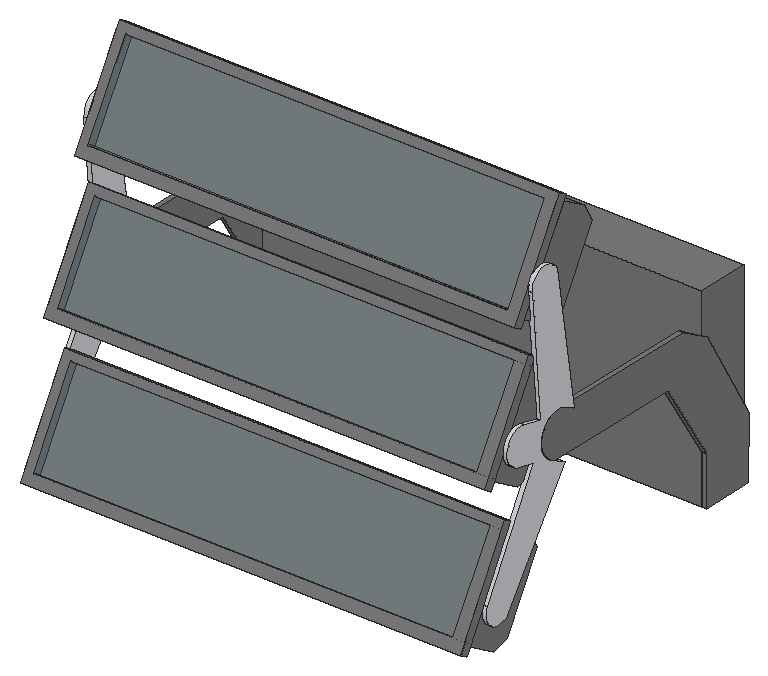
Revit family "Lighting-Floodlights-GEWISS-SPATIUMPRO3-LED-FLOODLIGHT_OPTIC-ELLIPTICAL_3MODULES", category Apparecchi per illuminazione, host Superficie, Revit 2019
Family settings
  Host = Superficie
  Quota connettore circolare = Usa diametro
  Tipo di parte = Normale
  Taglio con vuoti quando caricato = No
  Sorgente d'illuminazione = Sì
  Condiviso = Sì
  Punto di calcolo locali = Sì
Parameters (values of type "GWP3333AA857 - SPATIUM PRO 3M CL.I S1 CRI 80 5700K")
  larghezza lampada = Lugnezza massima - 24 mm  # 50 mm
  Wiring = "Watertight connector between floodlight and supply unit"
  Weight (kg): = "30 "
  Wattage = 9.2903 W
  Warranty = "5 years"
  Visibilità etichetta [instance] = yes
  Visibilità simbolo [instance] = yes
  Visibilità lampada in pianta [instance] = yes
  Versions = "Cold light 5700K"
  Version file RFA = "21.9"
  Variazione temperatura colore lampada con luminosità attenuata = <Nessuno>
  Unique digital code (Datamatrix) = "Currently not present"
  Unified Glare Rating = "ULOR = 0%"
  URL = "https://www.gewiss.com/ww/en"
  Type of light source = "LED - Not replaceable"
  Tilt- = "Rotation on bracket with integrated goniometer"
  built-in parameter 1150107 = 3200 (stored number, unit not read)
  Technical sheet = "https://www.gewiss.com/ww/en/search?q=GWP3333AA857"
  System power = "1200 W"
  Supply voltage = "See external supply unit"
  Standard- = "EN 60598-1; EN 60598-2-5; IEC/TR 62778; EN 62493"
  Standard Deviation Colour Matching = "SDCM = 5"
  Spostamento_x_effettivo [instance] = 4000 mm - Spostamento_x  # 4000 mm
  Spostamento_x [instance] = 0 mm
  Spostamento_y_effettivo [instance] = 4000 mm - Spostamento_y  # 4000 mm
  Spostamento_y [instance] = 0 mm
  Shock resistance = "IK08"
  Shield type = "Flat tempered glass 4mm"
  Realized by GEWISS S.p.A. = ""
  Rated frequency (Hz) = "See external supply unit"
  ROTAZIONE [instance] = 45
  built-in parameter 1150110 = 1 (stored number, unit not read)
  built-in parameter 1150109 = 1 (stored number, unit not read)
  built-in parameter 1114218 = 1 (stored number, unit not read)
  built-in parameter 1150112 = 1 (stored number, unit not read)
  POSIZIONE = 80000  # constant formula
  Overvoltage protection = "See external supply unit"
  Optic Maintenance = "Not available"
  Optic : = "Lens T.I.R.Ex. in PMMA HT"
  Optic = "Elliptical 30°x80°"
  Operating temperature : = "-25 +50 °C"
  built-in parameter 1150142 = (empty or 0)
  Mouting and installation = "High-mast lighting - Wall mounting"
  built-in parameter 1150137 = (empty or 0)
  built-in parameter 1150132 = (empty or 0)
  Maximum surface exposed to the wind : = "0,36 m²"
  Luminaire = "High power LED floodlight"
  Lumen output (lm) = "121000 "
  Lugnezza massima = 74 mm
  Default Elevation = 1219.2 mm
  Produttore = "GEWISS S.p.A."
  Modello = "GWP3333AA857"
  Lifetime = "L90B10(Tq25°C)>100.000h; L80B10(Tq25°C)>150.000h"
  LED Maintenance = "Yes"
  built-in parameter 1150105 = 109.82 (stored number, unit not read)
  built-in parameter 1150102 = (empty or 0)
  Insulation class = "I"
  Immagine tipo = SPATIUMpro3.jpg
  built-in parameter 1150106 = 1.0982 (stored number, unit not read)
  IPEA = "LARGE AREAS = A // GREEN AREAS = B"
  IP degree = "IP66"
  IDT = "eb905ece-f1b6-4e43-a778-c0f94268a61d"
  IDF = "6bc5c23f-cb25-4ede-a1f8-ab35ab3ff60d"
  Gasket = "Anti-aging silicone"
  Lumens = 1380 lm
  Fixing = "Bracket"
  Color Filter = 16777215
  File diagramma fotometrico = "generic"
  built-in parameter 1114217 = 1 (stored number, unit not read)
  built-in parameter 1150139 = (empty or 0)
  External screw = "Stainless steel"
  Emetti da lunghezza linea = 609.6 mm
  Efficiency (lm/W) = "101 "
  built-in parameter 1150104 = 13.8 (stored number, unit not read)
  EAN code = ""
  Driver failure rate = "See external supply unit"
  Driver Box = "External"
  Driver = "To be ordered separately"
  Distanza dal host [instance] = 0 mm
  built-in parameter 1150115 = 1 (stored number, unit not read)
  built-in parameter 1150114 = 1 (stored number, unit not read)
  built-in parameter 1150113 = 1 (stored number, unit not read)
  Descrizione = "SPATIUM PRO 3M CL.I S1 CRI 80 5700K"
  Control System = "See external supply unit"
  Context = "Big areas"
  Colour temperature = "5700 K"
  Colour : = "Polyester powder coated"
  Colour = "Graphite grey"
  built-in parameter 1150134 = 3
  built-in parameter 1150138 = (empty or 0)
  Color Rendering Index = "CRI 80"
  Catalogue = "LIGHTING"
  COBie.Tagnumber = ""
  COBie.CreatedOn = ""
  COBie.CreatebBy = ""
  COBie.ComponentRegisterItemID = ""
  COBie.Component.TagNumber = ""
  COBie.Component.Space = ""
  COBie.Component.SerialNumber = ""
  COBie.Component.InstallationDate = ""
  COBie.Component.Description = ""
  COBie.Component.BarCode = ""
  Body = "Die-cast aluminium"
  Application = "Indoor / Outdoor"
  Tilt Angle = 60.00°
  built-in parameter 1150133 = 10 (stored number, unit not read)
Types (6, lengths in mm): name | Versions | Technical sheet | Lumen output (lm) | Modello | IPEA | IDT | Efficiency (lm/W) | Descrizione | Colour temperature | Color Rendering Index
  GWP3333AA730 - SPATIUM PRO 3M CL.I S1 CRI 70 3000K | "Hot light 3000K" | "https://www.gewiss.com/ww/en/search?q=GWP3333AA730" | "131000 " | "GWP3333AA730" | "LARGE AREAS = A+ // GREEN AREAS = A" | "694f0a52-192d-4fac-8831-b47ab9ccaade" | "109 " | "SPATIUM PRO 3M CL.I S1 CRI 70 3000K" | "3000 K" | "CRI70"
  GWP3333AA740 - SPATIUM PRO 3M CL.I S1 CRI 70 4000K | "Natural light 4000K" | "https://www.gewiss.com/ww/en/search?q=GWP3333AA740" | "139500 " | "GWP3333AA740" | "LARGE AREAS = A++ // GREEN AREAS = A+" | "f092490e-e46d-4033-8178-13fb61714b72" | "116 " | "SPATIUM PRO 3M CL.I S1 CRI 70 4000K" | "4000 K" | "CRI70"
  GWP3333AA757 - SPATIUM PRO 3M CL.I S1 CRI 70 5700K | "Cold light 5700K" | "https://www.gewiss.com/ww/en/search?q=GWP3333AA757" | "139500 " | "GWP3333AA757" | "LARGE AREAS = A++ // GREEN AREAS = A+" | "33b96b9a-78e7-4007-a7d0-e9aab8b44474" | "116 " | "SPATIUM PRO 3M CL.I S1 CRI 70 5700K" | "5700 K" | "CRI70"
  GWP3333AA830 - SPATIUM PRO 3M CL.I S1 CRI 80 3000K | "Hot light 3000K" | "https://www.gewiss.com/ww/en/search?q=GWP3333AA830" | "116000 " | "GWP3333AA830" | "LARGE AREAS = A // GREEN AREAS = B" | "6551d209-d6ac-4900-bcd4-a733eecfbfb0" | "97 " | "SPATIUM PRO 3M CL.I S1 CRI 80 3000K" | "3000 K" | "CRI 80"
  GWP3333AA840 - SPATIUM PRO 3M CL.I S1 CRI 80 4000K | "Natural light 4000K" | "https://www.gewiss.com/ww/en/search?q=GWP3333AA840" | "121000 " | "GWP3333AA840" | "LARGE AREAS = A // GREEN AREAS = B" | "da8c4ac0-0624-4aee-8915-169a3df5140e" | "101 " | "SPATIUM PRO 3M CL.I S1 CRI 80 4000K" | "4000 K" | "CRI 80"
  GWP3333AA857 - SPATIUM PRO 3M CL.I S1 CRI 80 5700K | "Cold light 5700K" | "https://www.gewiss.com/ww/en/search?q=GWP3333AA857" | "121000 " | "GWP3333AA857" | "LARGE AREAS = A // GREEN AREAS = B" | "eb905ece-f1b6-4e43-a778-c0f94268a61d" | "101 " | "SPATIUM PRO 3M CL.I S1 CRI 80 5700K" | "5700 K" | "CRI 80"
Reference planes
  plane 1 "Centro (Fronte/Retro)": y = 0
  plane 2: z = 0
  plane 3 "Centro (Sinistra/Destra)": x = 0
  plane 4: x = -4000
  plane 5: x = 0
  plane 6: x = 0
  plane 7: y = -4000
  plane 8: y = 0
  plane 9 "a": through (0, -290.182, 34.975) normal (0, -0.7071, 0.7071)
  plane 10: through (-235.047, -128.222, 1219.2) normal (-0.9563, 0.2924, 0)
  plane 11: through (-40, -89.462, 1219.2) normal (0.1564, 0.9877, 0)
  plane 12: through (239.503, 190.64, 1219.2) normal (0.9563, -0.2924, 0)
Dimensions and locks
  plane 4 to plane 3 "Centro (Sinistra/Destra)" = 4000 mm  (x2)
  "Spostamento_x_effettivo": plane 4 to plane 5
  "Spostamento_x_effettivo": plane 6 to plane 4
  "Spostamento_y_effettivo": plane 8 to plane 7
  plane 1 "Centro (Fronte/Retro)" to plane 7 = 4000 mm
  angle plane 11 to plane 12 = 82.00°  (x2)
  angle plane 10 to plane 11 = 98.00°
  aligned and locked: plane 2 to host face
  aligned and locked: level to host face
  aligned and locked: plane 6 to nested 1
  aligned and locked: nested 1 to plane 8
  aligned and locked: plane 8 to nested 2
  aligned and locked: imposter light to nested 2
Automatic sketch dimensions
  host sketch curve to host sketch curve = 2438.4 mm  (x2)
Nested families
  nested 1: "Etichetta light" at (0, 0, 0), visible <- "Visibilità etichetta", type "Etichetta light"
  nested 2: "STADIUM PRO 3_led" at (0, -90, 0), type "STADIUM PRO 3_led"
Definition of nested family "STADIUM PRO 3_led"
  Parameters (values of type "STADIUM PRO 3_led")
    led = none
    l_proiettore = 772 mm
    h_lampada = 58 mm
    Finitura struttura = none
  Reference planes
    plane 1 "Centro (Fronte/Retro)": y = 0
    plane 2: z = 0
    plane 3 "Centro (Sinistra/Destra)": x = 0
    plane 4: x = 386
    plane 5: x = 378
    plane 6: x = -386
    plane 7: x = -378
    plane 8: y = 90
  Forms (mm)
    Extrusion 1, solid, material <- "Finitura struttura"
      sketch origin (0, 0, 0) x (0, 1, 0) y (0, 0, -1)
        loop
          arc (-316.352, -217.267) -> (-353.722, -254.637) -> (-316.352, -292.007) r 37.37
          line (-316.352, -292.007) -> (-48.852, -292.007) -> (0, -263.802) -> (90, -107.918) -> (90, 0) -> (0, 0) -> (0, -85) -> (-82.649, -217.267) -> (-316.352, -217.267)
      from 378 to 386
    Extrusion 2, solid, material <- "Finitura struttura"
      sketch origin (0, 0, 0) x (1, 0, 0) y (0, 1, 0)
        loop
          line (378, 0) -> (378, 90) -> (-378, 90) -> (-378, 0) -> (378, 0)
      from 0 to 333
    Extrusion 3, solid, material <- "Finitura struttura"
      sketch origin (0, 0, 0) x (0, 1, 0) y (0, 0, 1)
        loop
          line (-316.352, 217.267) -> (-82.649, 217.267) -> (0, 85) -> (0, 0) -> (90, 0) -> (90, 107.918) -> (0, 263.802) -> (-48.852, 292.007) -> (-316.352, 292.007)
          arc (-316.352, 292.007) -> (-353.722, 254.637) -> (-316.352, 217.267) r 37.37
      from 378 to 386
    Extrusion 4, solid, material <- "led"
      sketch origin (0, 1268.525, -1383.744) x (0, 0.866025, -0.5) y (0, 0.5, 0.866025)
        loop
          line (-2238.14, 322.274) -> (-2223.14, 322.274) -> (-2223.14, 482.274) -> (-2238.14, 482.274) -> (-2238.14, 322.274)
      from -378 to 378
    Extrusion 5, solid, material <- "Finitura struttura"
      sketch origin (0, 1262.235, -1379.076) x (0, 0.866025, -0.5) y (0, 0.5, 0.866025)
        loop
          line (-2215.359, 316.368) -> (-2156.261, 316.368) -> (-2135.048, 337.581) -> (-2135.048, 467.581) -> (-2165.359, 485.081) -> (-2215.359, 485.081) -> (-2215.359, 316.368)
      from -378 to 378
    Extrusion 6, solid, material <- "Finitura struttura"
      sketch origin (0, -28.39, -231.475) x (1, 0, 0) y (0, 0.5, 0.866025)
        loop
          line (-378, 146.542) -> (-378, -45.315) -> (378, -45.315) -> (378, 146.542) -> (-378, 146.542)
        loop
          line (-362.033, 132.837) -> (-362.033, -27.163) -> (357.967, -27.163) -> (357.967, 132.837) -> (-362.033, 132.837)
      from 523.844 to 538.844
    Extrusion 7, solid, material <- "Finitura struttura", not visible
      sketch origin (0, 1866.103, -348.539) x (0, 1, 0) y (0, 0, 1)
        loop
          line (-2215.359, 316.368) -> (-2156.261, 316.368) -> (-2135.048, 337.581) -> (-2135.048, 467.581) -> (-2165.359, 485.081) -> (-2215.359, 485.081) -> (-2215.359, 316.368)
      from -378 to 378
    Extrusion 8, solid, material <- "Finitura struttura", not visible
      sketch origin (0, 0, 0) x (1, 0, 0) y (0, 0, 1)
        loop
          line (-378, 146.542) -> (-378, -45.315) -> (378, -45.315) -> (378, 146.542) -> (-378, 146.542)
        loop
          line (-362.033, 132.837) -> (-362.033, -27.163) -> (357.967, -27.163) -> (357.967, 132.837) -> (-362.033, 132.837)
      from 349.256 to 364.256
    Extrusion 9, solid, material <- "Finitura struttura"
      sketch origin (0, 1313.7, -1147.467) x (0, 0.866025, -0.5) y (0, 0.5, 0.866025)
        loop
          line (-2215.359, 316.368) -> (-2156.261, 316.368) -> (-2135.048, 337.581) -> (-2135.048, 467.581) -> (-2165.359, 485.081) -> (-2215.359, 485.081) -> (-2215.359, 316.368)
      from -378 to 378
    Extrusion 10, solid, material <- "Finitura struttura"
      sketch origin (0, -128.124, 87.428) x (1, 0, 0) y (0, 0.5, 0.866025)
        loop
          line (-378, 146.542) -> (-378, -45.315) -> (378, -45.315) -> (378, 146.542) -> (-378, 146.542)
        loop
          line (-362.033, 132.837) -> (-362.033, -27.163) -> (357.967, -27.163) -> (357.967, 132.837) -> (-362.033, 132.837)
      from 349.256 to 364.256
    Extrusion 11, solid, material <- "Finitura struttura"
      sketch origin (0, 1379.031, -926.749) x (0, 0.866025, -0.5) y (0, 0.5, 0.866025)
        loop
          line (-2215.359, 316.368) -> (-2156.261, 316.368) -> (-2135.048, 337.581) -> (-2135.048, 467.581) -> (-2165.359, 485.081) -> (-2215.359, 485.081) -> (-2215.359, 316.368)
      from -378 to 378
    Extrusion 12, solid, material <- "Finitura struttura"
      sketch origin (0, -62.793, 308.146) x (1, 0, 0) y (0, 0.5, 0.866025)
        loop
          line (-378, 146.542) -> (-378, -45.315) -> (378, -45.315) -> (378, 146.542) -> (-378, 146.542)
        loop
          line (-362.033, 132.837) -> (-362.033, -27.163) -> (357.967, -27.163) -> (357.967, 132.837) -> (-362.033, 132.837)
      from 349.256 to 364.256
    Extrusion 13, solid, material <- "led", not visible
      sketch origin (0, 1873.885, -376.937) x (0, 1, 0) y (0, 0, 1)
        loop
          line (-2238.14, 322.274) -> (-2223.14, 322.274) -> (-2223.14, 482.274) -> (-2238.14, 482.274) -> (-2238.14, 322.274)
      from -378 to 378
    Extrusion 14, solid, material <- "Finitura struttura", not visible
      sketch origin (0, 1866.103, -376.039) x (0, 1, 0) y (0, 0, 1)
        loop
          line (-2215.359, 316.368) -> (-2156.261, 316.368) -> (-2135.048, 337.581) -> (-2135.048, 467.581) -> (-2165.359, 485.081) -> (-2215.359, 485.081) -> (-2215.359, 316.368)
      from -378 to 378
    Extrusion 15, solid, material <- "Finitura struttura", not visible
      sketch origin (0, 0, -27.5) x (1, 0, 0) y (0, 0, 1)
        loop
          line (-378, 146.542) -> (-378, -45.315) -> (378, -45.315) -> (378, 146.542) -> (-378, 146.542)
        loop
          line (-362.033, 132.837) -> (-362.033, -27.163) -> (357.967, -27.163) -> (357.967, 132.837) -> (-362.033, 132.837)
      from 349.256 to 364.256
    Extrusion 16, solid, material <- "Finitura struttura", not visible
      sketch origin (0, 1794.869, -149.727) x (0, 1, 0) y (0, 0, 1)
        loop
          line (-2215.359, 316.368) -> (-2156.261, 316.368) -> (-2135.048, 337.581) -> (-2135.048, 467.581) -> (-2165.359, 485.081) -> (-2215.359, 485.081) -> (-2215.359, 316.368)
      from -378 to 378
    Extrusion 17, solid, material <- "Finitura struttura", not visible
      sketch origin (0, -71.234, 198.812) x (1, 0, 0) y (0, 0, 1)
        loop
          line (-378, 146.542) -> (-378, -45.315) -> (378, -45.315) -> (378, 146.542) -> (-378, 146.542)
        loop
          line (-362.033, 132.837) -> (-362.033, -27.163) -> (357.967, -27.163) -> (357.967, 132.837) -> (-362.033, 132.837)
      from 349.256 to 364.256
    Extrusion 18, solid, material <- "Finitura struttura", not visible
      sketch origin (0, 1741.088, 74.086) x (0, 1, 0) y (0, 0, 1)
        loop
          line (-2215.359, 316.368) -> (-2156.261, 316.368) -> (-2135.048, 337.581) -> (-2135.048, 467.581) -> (-2165.359, 485.081) -> (-2215.359, 485.081) -> (-2215.359, 316.368)
      from -378 to 378
    Extrusion 19, solid, material <- "Finitura struttura", not visible
      sketch origin (0, -125.015, 422.625) x (1, 0, 0) y (0, 0, 1)
        loop
          line (-378, 146.542) -> (-378, -45.315) -> (378, -45.315) -> (378, 146.542) -> (-378, 146.542)
        loop
          line (-362.033, 132.837) -> (-362.033, -27.163) -> (357.967, -27.163) -> (357.967, 132.837) -> (-362.033, 132.837)
      from 349.256 to 364.256
    Extrusion 20, solid, material <- "led", not visible
      sketch origin (0, 1268.525, -1383.744) x (0, 0.866025, -0.5) y (0, 0.5, 0.866025)
        loop
          line (-2238.14, 322.274) -> (-2223.14, 322.274) -> (-2223.14, 482.274) -> (-2238.14, 482.274) -> (-2238.14, 322.274)
      from -378 to 378
    Extrusion 21, solid, material <- "Finitura struttura", not visible
      sketch origin (0, 1262.235, -1379.076) x (0, 0.866025, -0.5) y (0, 0.5, 0.866025)
        loop
          line (-2215.359, 316.368) -> (-2156.261, 316.368) -> (-2135.048, 337.581) -> (-2135.048, 467.581) -> (-2165.359, 485.081) -> (-2215.359, 485.081) -> (-2215.359, 316.368)
      from -378 to 378
    Extrusion 22, solid, material <- "Finitura struttura", not visible
      sketch origin (0, -28.39, -231.475) x (1, 0, 0) y (0, 0.5, 0.866025)
        loop
          line (-378, 146.542) -> (-378, -45.315) -> (378, -45.315) -> (378, 146.542) -> (-378, 146.542)
        loop
          line (-362.033, 132.837) -> (-362.033, -27.163) -> (357.967, -27.163) -> (357.967, 132.837) -> (-362.033, 132.837)
      from 523.844 to 538.844
    Extrusion 23, solid, material <- "Finitura struttura", not visible
      sketch origin (0, 1379.031, -926.749) x (0, 0.866025, -0.5) y (0, 0.5, 0.866025)
        loop
          line (-2215.359, 316.368) -> (-2156.261, 316.368) -> (-2135.048, 337.581) -> (-2135.048, 467.581) -> (-2165.359, 485.081) -> (-2215.359, 485.081) -> (-2215.359, 316.368)
      from -378 to 378
    Extrusion 24, solid, material <- "Finitura struttura", not visible
      sketch origin (0, -62.793, 308.146) x (1, 0, 0) y (0, 0.5, 0.866025)
        loop
          line (-378, 146.542) -> (-378, -45.315) -> (378, -45.315) -> (378, 146.542) -> (-378, 146.542)
        loop
          line (-362.033, 132.837) -> (-362.033, -27.163) -> (357.967, -27.163) -> (357.967, 132.837) -> (-362.033, 132.837)
      from 349.256 to 364.256
    Extrusion 25, solid, material <- "led"
      sketch origin (0, 1319.99, -1152.136) x (0, 0.866025, -0.5) y (0, 0.5, 0.866025)
        loop
          line (-2238.14, 322.274) -> (-2223.14, 322.274) -> (-2223.14, 482.274) -> (-2238.14, 482.274) -> (-2238.14, 322.274)
      from -378 to 378
    Extrusion 26, solid, material <- "led"
      sketch origin (0, 1386.433, -929.491) x (0, 0.866025, -0.5) y (0, 0.5, 0.866025)
        loop
          line (-2238.14, 322.274) -> (-2223.14, 322.274) -> (-2223.14, 482.274) -> (-2238.14, 482.274) -> (-2238.14, 322.274)
      from -378 to 378
  Dimensions and locks
    locked: plane 5 to plane 4 at 8
    equal spacing: plane 6, plane 3 "Centro (Sinistra/Destra)", plane 4
    "l_proiettore": plane 6 to plane 4
    locked: plane 6 to plane 7 at 8
    locked: plane 1 "Centro (Fronte/Retro)" to plane 8 at 90
    plane 6 to plane 7 = 8 mm
    aligned and locked: level to plane 2
    aligned and locked: Extrusion 1 to plane 7
    aligned and locked: plane 6 to Extrusion 1
    aligned and locked: Extrusion 2 sketch curve to plane 7
    aligned and locked: Extrusion 2 sketch curve to plane 5
    aligned and locked: plane 1 "Centro (Fronte/Retro)" to Extrusion 2
    aligned and locked: plane 8 to Extrusion 2
    aligned and locked: Extrusion 3 to plane 4
    aligned and locked: plane 5 to Extrusion 3
    aligned and locked: plane 4 to nested 1
    aligned and locked: plane 7 to Extrusion 4
    aligned and locked: Extrusion 4 to plane 5
    aligned and locked: Extrusion 5 to Extrusion 1
    aligned and locked: Extrusion 5 to plane 5
    aligned and locked: Extrusion 6 to Extrusion 4  (x2)
    aligned and locked: Extrusion 4 sketch curve to Extrusion 6  (x2)
    aligned and locked: Extrusion 13 sketch curve to Extrusion 15  (x2)
    aligned and locked: Extrusion 20 sketch curve to Extrusion 22  (x2)
  Automatic sketch dimensions
    Extrusion 7 sketch curve to Extrusion 7 sketch curve = 21.213 mm  (x2)
    Extrusion 7 sketch curve to Extrusion 7 sketch curve = 17.5 mm
    Extrusion 8 sketch curve to Extrusion 8 sketch curve = 18.152 mm
    Extrusion 8 sketch curve to Extrusion 8 sketch curve = 13.704 mm
    Extrusion 7 sketch curve to Extrusion 7 sketch curve = 50 mm
    Extrusion 7 sketch curve to Extrusion 7 sketch curve = 59.098 mm
    Extrusion 7 sketch curve to Extrusion 7 sketch curve = 130 mm
    Extrusion 8 sketch curve to Extrusion 8 sketch curve = 15.967 mm
    Extrusion 8 sketch curve to Extrusion 8 sketch curve = 720 mm
    Extrusion 8 sketch curve to Extrusion 8 sketch curve = 20.033 mm
    Extrusion 8 sketch curve to Extrusion 8 sketch curve = 160 mm
    Extrusion 14 sketch curve to Extrusion 14 sketch curve = 21.213 mm  (x2)
    Extrusion 14 sketch curve to Extrusion 14 sketch curve = 17.5 mm
    Extrusion 15 sketch curve to Extrusion 15 sketch curve = 18.152 mm
    Extrusion 15 sketch curve to Extrusion 15 sketch curve = 13.704 mm
    Extrusion 14 sketch curve to Extrusion 14 sketch curve = 50 mm
    Extrusion 14 sketch curve to Extrusion 14 sketch curve = 59.098 mm
    Extrusion 14 sketch curve to Extrusion 14 sketch curve = 130 mm
    Extrusion 15 sketch curve to Extrusion 15 sketch curve = 15.967 mm
    Extrusion 15 sketch curve to Extrusion 15 sketch curve = 720 mm
    Extrusion 15 sketch curve to Extrusion 15 sketch curve = 20.033 mm
    Extrusion 15 sketch curve to Extrusion 15 sketch curve = 160 mm
    Extrusion 16 sketch curve to Extrusion 16 sketch curve = 21.213 mm  (x2)
    Extrusion 16 sketch curve to Extrusion 16 sketch curve = 17.5 mm
    Extrusion 17 sketch curve to Extrusion 17 sketch curve = 18.152 mm
    Extrusion 17 sketch curve to Extrusion 17 sketch curve = 13.704 mm
    Extrusion 16 sketch curve to Extrusion 16 sketch curve = 50 mm
    Extrusion 16 sketch curve to Extrusion 16 sketch curve = 59.098 mm
    Extrusion 16 sketch curve to Extrusion 16 sketch curve = 130 mm
    Extrusion 17 sketch curve to Extrusion 17 sketch curve = 15.967 mm
    Extrusion 17 sketch curve to Extrusion 17 sketch curve = 720 mm
    Extrusion 17 sketch curve to Extrusion 17 sketch curve = 20.033 mm
    Extrusion 17 sketch curve to Extrusion 17 sketch curve = 160 mm
    Extrusion 18 sketch curve to Extrusion 18 sketch curve = 21.213 mm  (x2)
    Extrusion 18 sketch curve to Extrusion 18 sketch curve = 17.5 mm
    Extrusion 19 sketch curve to Extrusion 19 sketch curve = 18.152 mm
    Extrusion 19 sketch curve to Extrusion 19 sketch curve = 13.704 mm
    Extrusion 18 sketch curve to Extrusion 18 sketch curve = 50 mm
    Extrusion 18 sketch curve to Extrusion 18 sketch curve = 59.098 mm
    Extrusion 18 sketch curve to Extrusion 18 sketch curve = 130 mm
    Extrusion 19 sketch curve to Extrusion 19 sketch curve = 15.967 mm
    Extrusion 19 sketch curve to Extrusion 19 sketch curve = 720 mm
    Extrusion 19 sketch curve to Extrusion 19 sketch curve = 20.033 mm
    Extrusion 19 sketch curve to Extrusion 19 sketch curve = 160 mm
    Extrusion 13 sketch curve to Extrusion 13 sketch curve = 15 mm
    Extrusion 21 sketch curve to Extrusion 21 sketch curve = 21.213 mm  (x2)
    Extrusion 21 sketch curve to Extrusion 21 sketch curve = 17.5 mm
    Extrusion 22 sketch curve to Extrusion 22 sketch curve = 18.152 mm
    Extrusion 22 sketch curve to Extrusion 22 sketch curve = 13.704 mm
    Extrusion 21 sketch curve to Extrusion 21 sketch curve = 50 mm
    Extrusion 21 sketch curve to Extrusion 21 sketch curve = 59.098 mm
    Extrusion 21 sketch curve to Extrusion 21 sketch curve = 130 mm
    Extrusion 22 sketch curve to Extrusion 22 sketch curve = 15.967 mm
    Extrusion 22 sketch curve to Extrusion 22 sketch curve = 720 mm
    Extrusion 22 sketch curve to Extrusion 22 sketch curve = 20.033 mm
    Extrusion 22 sketch curve to Extrusion 22 sketch curve = 160 mm
    Extrusion 23 sketch curve to Extrusion 23 sketch curve = 21.213 mm  (x2)
    Extrusion 23 sketch curve to Extrusion 23 sketch curve = 17.5 mm
    Extrusion 24 sketch curve to Extrusion 24 sketch curve = 18.152 mm
    Extrusion 24 sketch curve to Extrusion 24 sketch curve = 13.704 mm
    Extrusion 23 sketch curve to Extrusion 23 sketch curve = 50 mm
    Extrusion 23 sketch curve to Extrusion 23 sketch curve = 59.098 mm
    Extrusion 23 sketch curve to Extrusion 23 sketch curve = 130 mm
    Extrusion 24 sketch curve to Extrusion 24 sketch curve = 15.967 mm
    Extrusion 24 sketch curve to Extrusion 24 sketch curve = 720 mm
    Extrusion 24 sketch curve to Extrusion 24 sketch curve = 20.033 mm
    Extrusion 24 sketch curve to Extrusion 24 sketch curve = 160 mm
    Extrusion 20 sketch curve to Extrusion 20 sketch curve = 15 mm
    Extrusion 1 sketch curve to plane 1 "Centro (Fronte/Retro)" = 0 mm  (x2)
    Extrusion 1 sketch curve to level = 0 mm
    Extrusion 1 sketch curve to plane 8 = 0 mm
    plane 1 "Centro (Fronte/Retro)" to Extrusion 1 sketch curve = 48.852 mm
    Extrusion 1 sketch curve to Extrusion 1 sketch curve = 33.798 mm
    Extrusion 1 sketch curve to Extrusion 1 sketch curve = 233.702 mm
    level to Extrusion 1 sketch curve = 85 mm
    Extrusion 1 sketch curve to Extrusion 1 sketch curve = 22.918 mm
    Extrusion 1 sketch curve to Extrusion 1 sketch curve = 132.267 mm
    Extrusion 1 sketch curve to Extrusion 1 sketch curve = 37.37 mm
    Extrusion 1 sketch curve to Extrusion 1 sketch curve = 28.204 mm
    plane 1 "Centro (Fronte/Retro)" to Extrusion 2 sketch curve = 0 mm
    Extrusion 2 sketch curve to plane 8 = 0 mm
    Extrusion 3 sketch curve to plane 1 "Centro (Fronte/Retro)" = 0 mm  (x2)
    Extrusion 3 sketch curve to level = 0 mm
    Extrusion 3 sketch curve to plane 8 = 0 mm
    plane 1 "Centro (Fronte/Retro)" to Extrusion 3 sketch curve = 48.852 mm
    Extrusion 3 sketch curve to Extrusion 3 sketch curve = 33.798 mm
    Extrusion 3 sketch curve to Extrusion 3 sketch curve = 233.702 mm
    level to Extrusion 3 sketch curve = 85 mm
    Extrusion 3 sketch curve to Extrusion 3 sketch curve = 22.918 mm
    level to Extrusion 3 sketch curve = 217.267 mm
    Extrusion 3 sketch curve to Extrusion 3 sketch curve = 37.37 mm
    Extrusion 3 sketch curve to Extrusion 3 sketch curve = 28.204 mm
    level to Extrusion 4 sketch curve = 152.988 mm
    Extrusion 4 sketch curve to Extrusion 4 sketch curve = 15 mm
    level to Extrusion 5 sketch curve = 2.586 mm
    plane 1 "Centro (Fronte/Retro)" to Extrusion 5 sketch curve = 498.139 mm
    Extrusion 5 sketch curve to Extrusion 5 sketch curve = 50 mm
    Extrusion 5 sketch curve to Extrusion 5 sketch curve = 59.098 mm
    Extrusion 5 sketch curve to Extrusion 5 sketch curve = 21.213 mm  (x2)
    Extrusion 5 sketch curve to Extrusion 5 sketch curve = 130 mm
    Extrusion 5 sketch curve to Extrusion 5 sketch curve = 17.5 mm
    Extrusion 6 sketch curve to plane 7 = 0 mm
    Extrusion 6 sketch curve to plane 5 = 0 mm
    Extrusion 6 sketch curve to plane 7 = 15.967 mm
    plane 5 to Extrusion 6 sketch curve = 20.033 mm
    Extrusion 6 sketch curve to Extrusion 6 sketch curve = 18.152 mm
    Extrusion 6 sketch curve to Extrusion 6 sketch curve = 160 mm
    Extrusion 6 sketch curve to Extrusion 6 sketch curve = 13.704 mm
    level to Extrusion 9 sketch curve = 234.195 mm
    plane 1 "Centro (Fronte/Retro)" to Extrusion 9 sketch curve = 446.674 mm
    Extrusion 9 sketch curve to Extrusion 9 sketch curve = 50 mm
    Extrusion 9 sketch curve to Extrusion 9 sketch curve = 59.098 mm
    Extrusion 9 sketch curve to Extrusion 9 sketch curve = 21.213 mm  (x2)
    Extrusion 9 sketch curve to Extrusion 9 sketch curve = 130 mm
    Extrusion 9 sketch curve to Extrusion 9 sketch curve = 17.5 mm
    Extrusion 10 sketch curve to plane 7 = 0 mm
    Extrusion 10 sketch curve to plane 5 = 0 mm
    Extrusion 10 sketch curve to plane 7 = 15.967 mm
    plane 5 to Extrusion 10 sketch curve = 20.033 mm
    Extrusion 10 sketch curve to Extrusion 10 sketch curve = 18.152 mm
    Extrusion 10 sketch curve to Extrusion 10 sketch curve = 160 mm
    Extrusion 10 sketch curve to Extrusion 10 sketch curve = 13.704 mm
    plane 1 "Centro (Fronte/Retro)" to Extrusion 11 sketch curve = 381.342 mm
    level to Extrusion 11 sketch curve = 454.913 mm
    Extrusion 11 sketch curve to Extrusion 11 sketch curve = 50 mm
    Extrusion 11 sketch curve to Extrusion 11 sketch curve = 59.098 mm
    Extrusion 11 sketch curve to Extrusion 11 sketch curve = 21.213 mm  (x2)
    Extrusion 11 sketch curve to Extrusion 11 sketch curve = 130 mm
    Extrusion 11 sketch curve to Extrusion 11 sketch curve = 17.5 mm
    Extrusion 12 sketch curve to plane 7 = 0 mm
    Extrusion 12 sketch curve to plane 5 = 0 mm
    Extrusion 12 sketch curve to plane 7 = 15.967 mm
    plane 5 to Extrusion 12 sketch curve = 20.033 mm
    Extrusion 12 sketch curve to Extrusion 12 sketch curve = 18.152 mm
    Extrusion 12 sketch curve to Extrusion 12 sketch curve = 160 mm
    Extrusion 12 sketch curve to Extrusion 12 sketch curve = 13.704 mm
    plane 1 "Centro (Fronte/Retro)" to Extrusion 25 sketch curve = 377.16 mm
    level to Extrusion 25 sketch curve = 384.596 mm
    Extrusion 25 sketch curve to Extrusion 25 sketch curve = 15 mm
    Extrusion 25 sketch curve to Extrusion 25 sketch curve = 160 mm
    plane 1 "Centro (Fronte/Retro)" to Extrusion 26 sketch curve = 310.717 mm
    level to Extrusion 26 sketch curve = 607.241 mm
    Extrusion 26 sketch curve to Extrusion 26 sketch curve = 15 mm
    Extrusion 26 sketch curve to Extrusion 26 sketch curve = 160 mm
  Nested families
    nested 1: "STADIUM PRO 3_led_griglia" at (386, -353.722, -71.791) x (-1, 0, 0) z (0, 0, 1), type "STADIUM PRO 3_led_griglia"
    nested 2: "STADIUM PRO 3_led_griglia" at (-386, -351.222, -72.839), type "STADIUM PRO 3_led_griglia"
    nested 3: "STADIUM PRO 3_led_griglia" at (386, -353.722, -89.291) x (-1, 0, 0) z (0, 0, 1), type "STADIUM PRO 3_led_griglia", not visible
  Definition of nested family "STADIUM PRO 3_led_griglia"
    Parameters (values of type "STADIUM PRO 3_led_griglia")
      led = none
      l_proiettore = 772 mm
      h_lampada = 58 mm
      Finitura struttura = none
    Reference planes
      plane 1 "Centro (Fronte/Retro)": y = 0
      plane 2: z = 0
      plane 3 "Centro (Sinistra/Destra)": x = 0
      plane 4: z = 254.637
      plane 5: x = 8
      plane 6: y = -1611.166
    Forms (mm)
      Extrusion 1, solid
        sketch origin (0, -347.045, 155.161) x (0, -0.87462, -0.48481) y (0, 0.48481, -0.87462)
          loop
            line (-481.926, -221.779) -> (-337.46, -36.872) -> (-356.574, -36.872)
            arc (-356.574, -36.872) -> (-393.653, 0.207) -> (-356.574, 37.286) r 37.079
            line (-356.574, 37.286) -> (-319.987, 37.286) -> (-338.868, 253.098)
            arc (-338.868, 253.098) -> (-366.835, 274.557) -> (-390.65, 248.568) r 26.089
            line (-390.65, 248.568) -> (-390.65, 46.034) -> (-424.457, 55.092)
            arc (-424.457, 55.092) -> (-462.1, 33.359) -> (-440.367, -4.284) r 30.735
            line (-440.367, -4.284) -> (-405.737, -13.563) -> (-520.298, -183.407)
            arc (-520.298, -183.407) -> (-516.928, -218.409) -> (-481.926, -221.779) r 27.641
        from 0 to 8
    Dimensions and locks
      plane 3 "Centro (Sinistra/Destra)" to plane 5 = 8 mm
      aligned and locked: level to plane 2
Definition of nested family "Etichetta light"
  Parameters (values of type "ETICHETTA LIGHT")
    COMMENTI = "330W"
  Reference planes
    plane 1: y = 0
    plane 2: x = 0
  Text (mm)
    label "COMMENTI" at (-0.057, 0.105, 0), shows "COMMENTI"
